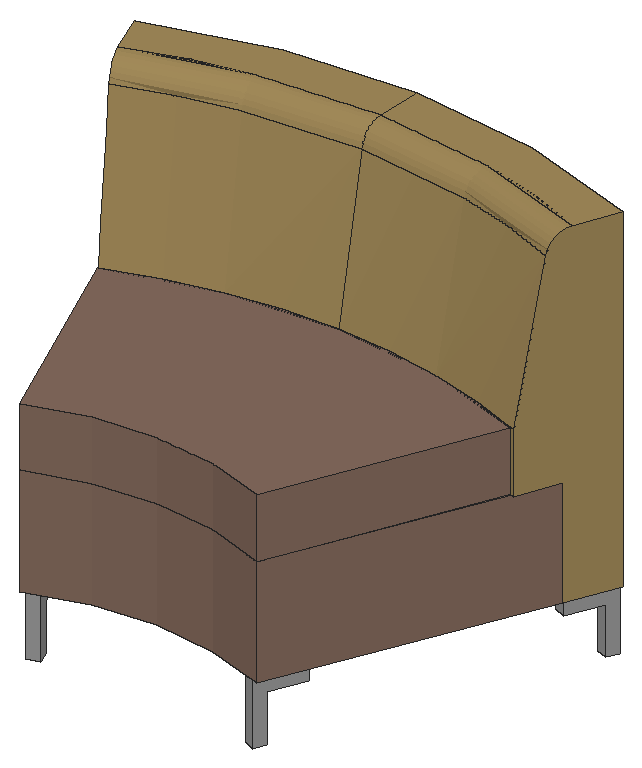
Revit family "Furniture_Chair_Abaco 759", category Furniture, Revit 2019
Family settings
  OmniClass Number = 23.21.23.15.17
  Work Plane-Based = Yes
  Always vertical = No
  Cut with Voids When Loaded = No
  Shared = No
  Room Calculation Point = No
Parameters (values of type "ABACO 759")
  Youtube clip = ""
  Uniformat II Description = "Movable Furnishings"
  Uniformat II Code = ""
  Uniclass 2015 Name = ""
  Uniclass 2015 Code = ""
  Uniclass 2.0 Description = ""
  Uniclass 2.0 Code = ""
  Uniclass 1.4 Description = ""
  Uniclass 1.4 Code = ""
  UNSPSC Code = ""
  Technical description = ""
  Shell Material = Leather - Percentage AK016
  Frame Material = Titanium
  Region South America = "All"
  Region Oceania = "All"
  Region North America = "All"
  Region Middle East = "All"
  Region Europe = "All"
  Region Asia = "All"
  Region Antarctica = "All"
  Region Africa = "All"
  QR code = "https://www.sandlerseating.com/product/abaco-759/"
  Product url = "https://www.sandlerseating.com/product/abaco-759/"
  Product name = "ABACO 759"
  Product group = "Chair"
  Product family = "Furniture"
  Product data url = "https://www.sandlerseating.com/product/abaco-759/"
  Product certification = ""
  Product SKU = "??"
  Product Guid = "??"
  OmniClass Description = ""
  OmniClass Code = "23-21 23 15 17"
  NBS Reference Description = ""
  NBS Reference Code = ""
  Model = "ABACO 759"
  Masterformat 2014 Description = "Chair Mats"
  Masterformat 2014 Code = "12 48 43.13"
  Manufacturer name = "Sandler"
  Manufacturer country = "USA"
  Manufacturer = "Sandler"
  Installation instructions = ""
  IFC Classification = "Furnishing Element"
  GTIN code = ""
  Edition number = 1
  Design country = "Brasil"
  Description = "Chair"
  Default Elevation = 0.000 mm
  Date of publishing = ""
  COBIe Type Category = ""
  Brand url = "https://www.sandlerseating.com/"
  Back Material = Leather - Goldhawk MLF31
  BIMobject main category code = "furniture"
  BIMobject main category = "Furniture"
  BIMobject category code = "furniture-chair"
  BIMobject category = "Chair"
Reference planes
  plane 1 "Center Front/Back": y = 0
  plane 2: z = 0
  plane 3 "Center Left/Right": x = 0
  plane 4: x = -350
  plane 5: x = 350
Forms (mm)
  Extrusion 1, solid, material "Leather - Percentage AK016" <- "Shell Material"
    sketch origin (0, 0, 840) x (0, -1, 0) y (1, 0, 0)
      loop
        line (356.161, 232.204) -> (-149.259, 446.743)
        arc (-149.259, 446.743) -> (-239.781, -4.823) -> (-143.666, -455.232) r 1136.445
        line (-143.666, -455.232) -> (360.058, -241.414)
        arc (360.058, -241.414) -> (310.075, -5) -> (356.161, 232.204) r 607.768
    from -500 to -380
  Extrusion 2, solid, material "Titanium" <- "Frame Material"
    sketch origin (-50.26, 46.978, 0) x (-0.390731, 0.920505, 0) y (0, 0, -1)
      loop
        line (-300, -121.004) -> (-200, -121.004) -> (-200, -95) -> (-275, -95) -> (-275, 0) -> (-300, 0) -> (-300, -121.004)
    from 300 to 325
  Extrusion 3, solid, material "Titanium" <- "Frame Material"
    sketch origin (-75.887, 92.712, 0) x (0.390731, -0.920505, 0) y (0, 0, 1)
      loop
        line (-300, 121.004) -> (-300, 0) -> (-275, 0) -> (-275, 95) -> (-200, 95) -> (-200, 121.004) -> (-300, 121.004)
    from 300 to 325
  Revolve 4, solid, material "Leather - Goldhawk MLF31" <- "Back Material"
    sketch origin (0, 0, 0) x (0, 1, 0) y (0, 0, 1)
      loop
        line (338.107, 800) -> (248.217, 800)
        arc (248.217, 800) -> (216.414, 788.581) -> (199.136, 759.54) r 50
        line (199.136, 759.54) -> (140.911, 460) -> (140.911, 340) -> (229.932, 340) -> (229.932, 123.331) -> (338.107, 123.331) -> (338.107, 800)
      axis (-969.112, 800) -> (-969.112, 123.331)
    angle from 0 to 360
  Extrusion 5, void
    sketch origin (0, 0, 840) x (-1, 0, 0) y (0, -1, 0)
      loop
        arc (492.27, -241.875) -> (1282.935, 1219.906) -> (0, 2276.331) r 1307.219
        arc (0, 2276.331) -> (-1282.935, 1219.906) -> (-492.27, -241.875) r 1307.219
        line (-492.27, -241.875) -> (-246.377, 366.732)
        arc (-246.377, 366.732) -> (0, 310.047) -> (246.377, 366.732) r 563.773
        line (246.377, 366.732) -> (492.27, -241.875)
    from -840 to 250
  Extrusion 6, solid, material "Leather - Percentage AK016" <- "Shell Material"
    sketch origin (0, 0, 0) x (1, 0, 0) y (0, 1, 0)
      loop
        arc (-241.414, -360.058) -> (-5, -310.075) -> (232.204, -356.161) r 607.768
        line (232.204, -356.161) -> (450.004, 144.683)
        arc (450.004, 144.683) -> (-1.045, 241.335) -> (-452.436, 146.291) r 1110.023
        line (-452.436, 146.291) -> (-241.414, -360.058)
    from 121.004 to 340
  Extrusion 7, solid, material "Titanium" <- "Frame Material"
    sketch origin (43.663, 46.978, 0) x (0.390731, 0.920505, 0) y (0, 0, 1)
      loop
        line (-300, 121.004) -> (-300, 0) -> (-275, 0) -> (-275, 95) -> (-200, 95) -> (-200, 121.004) -> (-300, 121.004)
    from 300 to 325
  Extrusion 8, solid, material "Titanium" <- "Frame Material"
    sketch origin (69.29, 92.712, 0) x (-0.390731, -0.920505, 0) y (0, 0, -1)
      loop
        line (-300, -121.004) -> (-200, -121.004) -> (-200, -95) -> (-275, -95) -> (-275, 0) -> (-300, 0) -> (-300, -121.004)
    from 300 to 325
Cuts and joins
  Extrusion 5 cuts Revolve 4
Dimensions and locks
  aligned and locked: level to plane 2
